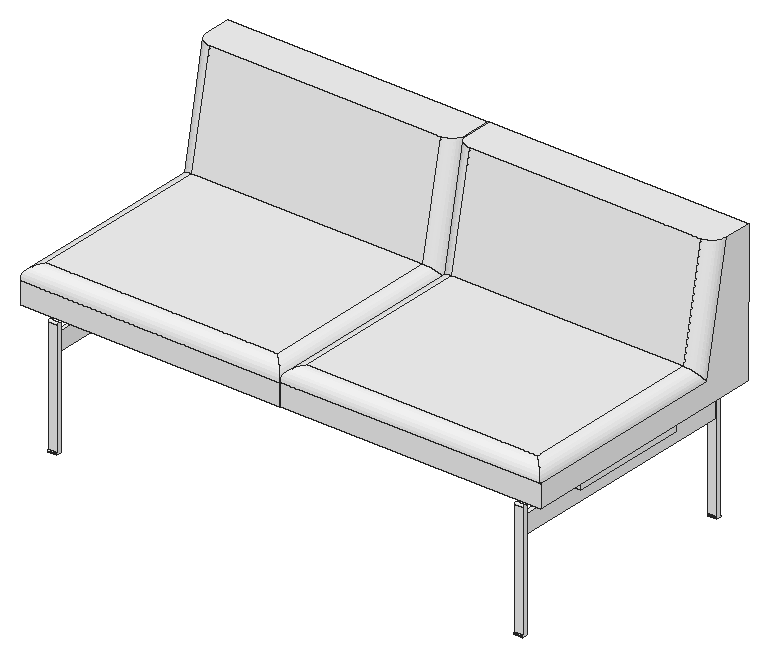
Revit family "FU_LAPSE 0020", category Furniture, Revit 2017
Family settings
  OmniClass Number = 23.40.20.00
  OmniClass Title = General Furniture and Specialties
  Work Plane-Based = No
  Always vertical = Yes
  Cut with Voids When Loaded = No
  Shared = No
  Room Calculation Point = No
Reference planes
  plane 1 "Center (Front/Back)": y = 0
  plane 2: z = 0
  plane 3 "Center (Left/Right)": x = 0
Dimensions and locks
  aligned and locked: level to plane 2
Nested families
  nested 1: "FU_LAPSE 0020 FRAME" at (0, 0, 0), type "FU_LAPSE 0020 FRAME"
  nested 2: "FU_LAPSE 0200TA-Upholstered Seat" at (-360, 0, 350), type "FU_LAPSE 0200TA-Upholstered Seat"
  nested 3: "FU_LAPSE 0200TA-Upholstered Seat" at (360, 0, 350), type "FU_LAPSE 0200TA-Upholstered Seat"
Definition of nested family "FU_LAPSE 0020 FRAME"
  Parameters (values of type "FU_LAPSE 0020 FRAME")
    Material = none
    Frame Width = 1290 mm
  Reference planes
    plane 1 "Center (Front/Back)": y = 0
    plane 2: z = 0
    plane 3 "Center (Left/Right)": x = 0
    plane 4: x = -645
    plane 5: x = 645
    plane 6: z = 350
    plane 7: y = -340
    plane 8: y = -330
    plane 9: z = 2.5
    plane 10: y = 165
    plane 11: y = -165
    plane 12: x = -675
    plane 13: x = 675
    plane 14: y = 155
    plane 15: x = -665
    plane 16: y = -155
    plane 17: x = 665
  Forms (mm)
    Extrusion 1, solid, material <- "Material"
      sketch origin (0, 0, 0) x (1, 0, 0) y (0, 1, 0)
        loop
          line (675, 165) -> (-675, 165) -> (-675, -165) -> (675, -165) -> (675, 165)
        loop
          line (-665, 155) -> (-665, -155) -> (665, -155) -> (665, 155) -> (-665, 155)
      from 295 to 350
  Dimensions and locks
    plane 3 "Center (Left/Right)" to plane 4 = 645 mm
    equal spacing: plane 4, plane 3 "Center (Left/Right)", plane 5
    "Frame Width": plane 4 to plane 5
    plane 12 to plane 15 to plane 4 = 10 mm locked, 20 mm locked
    plane 5 to plane 17 to plane 13 = 20 mm locked, 10 mm locked
    aligned and locked: level to plane 2
    aligned and locked: plane 4 to nested 1
    aligned and locked: plane 1 "Center (Front/Back)" to nested 1
    aligned and locked: nested 2 to plane 5
    aligned and locked: plane 1 "Center (Front/Back)" to nested 2
  Automatic sketch dimensions
    plane 10 to Extrusion 1 sketch curve = 0 mm
    Extrusion 1 sketch curve to plane 12 = 0 mm
    Extrusion 1 sketch curve to plane 15 = 0 mm
    plane 14 to Extrusion 1 sketch curve = 0 mm
    Extrusion 1 sketch curve to plane 17 = 0 mm
    Extrusion 1 sketch curve to plane 13 = 0 mm
    plane 11 to Extrusion 1 sketch curve = 0 mm
    plane 16 to Extrusion 1 sketch curve = 0 mm
  Nested families
    nested 1: "FU_LAPSE_FRAME 1" at (-645, 0, 0), type "FU_LAPSE_FRAME 1"
    nested 2: "FU_LAPSE_FRAME 1" at (645, 0, 0), type "FU_LAPSE_FRAME 1"
  Definition of nested family "FU_LAPSE_FRAME 1"
    Parameters (values of type "FU_LAPSE_FRAME 1")
      Material = none
    Reference planes
      plane 1 "Center (Front/Back)": y = 0
      plane 2: z = 0
      plane 3 "Center (Left/Right)": x = 0
    Forms (mm)
      Extrusion 1, solid, material <- "Material"
        sketch origin (0, 0, 0) x (0, 1, 0) y (0, 0, 1)
          loop
            arc (-330, 320) -> (-335, 325) -> (-340, 320) r 5
            line (-340, 320) -> (-340, 5)
            arc (-340, 5) -> (-340.732, 3.232) -> (-342.5, 2.5) r 2.5
            line (-342.5, 2.5) -> (-342.5, 0) -> (-327.5, 0) -> (-327.5, 2.5)
            arc (-327.5, 2.5) -> (-329.268, 3.232) -> (-330, 5) r 2.5
            line (-330, 5) -> (-330, 320)
        from 12.5 to -12.5
      Extrusion 2, solid, material <- "Material"
        sketch origin (0, 0, 0) x (0, -1, 0) y (0, 0, -1)
          loop
            line (-330, -320) -> (-330, -5)
            arc (-330, -5) -> (-329.268, -3.232) -> (-327.5, -2.5) r 2.5
            line (-327.5, -2.5) -> (-327.5, 0) -> (-342.5, 0) -> (-342.5, -2.5)
            arc (-342.5, -2.5) -> (-340.732, -3.232) -> (-340, -5) r 2.5
            line (-340, -5) -> (-340, -320)
            arc (-340, -320) -> (-335, -325) -> (-330, -320) r 5
        from 12.5 to -12.5
      Extrusion 3, solid, material <- "Material"
        sketch origin (0, 0, 0) x (0, 1, 0) y (0, 0, 1)
          loop
            line (330, 295) -> (-330, 295) -> (-330, 245) -> (330, 245) -> (330, 295)
        from 5 to -5
    Dimensions and locks
      aligned and locked: level to plane 2
      aligned and locked: Extrusion 3 sketch curve to Extrusion 2
Definition of nested family "FU_LAPSE 0200TA-Upholstered Seat"
  Parameters (values of type "FU_LAPSE 0200TA-Upholstered Seat")
    Material = none
  Reference planes
    plane 1 "Center (Front/Back)": y = 0
    plane 2: z = 0
    plane 3 "Center (Left/Right)": x = 0
    plane 4: x = -360
    plane 5: x = 360
    plane 6: y = -360
    plane 7: y = 360
    plane 8: z = 390
    plane 9: y = 245
    plane 10: z = 100
    plane 11: y = 185
  Forms (mm)
    Extrusion 1, solid, material <- "Material"
      sketch origin (0, 0, 0) x (0, 1, 0) y (0, 0, 1)
        loop
          line (360, 390) -> (245, 390) -> (185, 100) -> (-360, 100) -> (-360, 0) -> (360, 0) -> (360, 390)
      from -360 to 360
    Sweep 2, void
      path origin (-360, 0, 0) x (0, 1, 0) y (0, 0, 1)
        loop
          line (253.886, 432.949) -> (185, 100) -> (-360, 100)
      profile origin (-360, 219.443, 266.474) x (0, 0.97926, -0.202606) y (1, 0, 0)
        loop
          line (0, 0) -> (40, 0)
          arc (40, 0) -> (11.716, 11.716) -> (0, 40) r 40
          line (0, 40) -> (0, 0)
    Sweep 3, void
      path origin (360, 0, 0) x (0, 1, 0) y (0, 0, -1)
        loop
          line (253.886, -432.949) -> (185, -100) -> (-360, -100)
      profile origin (360, 219.443, 266.474) x (0, -0.97926, 0.202606) y (-1, 0, 0)
        loop
          line (0, 0) -> (0, 40)
          arc (0, 40) -> (-11.716, 11.716) -> (-40, 0) r 40
          line (-40, 0) -> (0, 0)
    Sweep 4, void
      path origin (0, -360, 0) x (0, 0, 1) y (-1, 0, 0)
        loop
          line (100, -385) -> (100, 460)
      profile origin (-37.5, -360, 100) x (0, 0, -1) y (0, -1, 0)
        loop
          line (0, 0) -> (0, -40)
          arc (0, -40) -> (11.716, -11.716) -> (40, 0) r 40
          line (40, 0) -> (0, 0)
  Cuts and joins
    Sweep 2, Sweep 3, Sweep 4 cuts Extrusion 1
  Dimensions and locks
    equal spacing: plane 4, plane 3 "Center (Left/Right)", plane 5
    equal spacing: plane 7, plane 1 "Center (Front/Back)", plane 6
    plane 7 to plane 6 = 720 mm
    plane 4 to plane 5 = 720 mm
    plane 8 to level = 390 mm
    aligned and locked: level to plane 2
    aligned and locked: plane 10 to Extrusion 1 sketch curve
  Automatic sketch dimensions
    Extrusion 1 sketch curve to plane 6 = 0 mm
    Extrusion 1 sketch curve to plane 11 = 0 mm
    Extrusion 1 sketch curve to plane 8 = 0 mm
    Extrusion 1 sketch curve to plane 9 = 0 mm
    Extrusion 1 sketch curve to plane 7 = 0 mm
    Extrusion 1 sketch curve to level = 0 mm
    Sweep 2 sketch curve to Extrusion 1 = 0 mm  (x2)
    Extrusion 1 to Sweep 2 sketch curve = 0 mm  (x2)
    Sweep 2 sketch curve to Extrusion 1 = 42.949 mm
    Sweep 2 sketch curve to profile plane = 0 mm  (x2)
    Sweep 2 sketch curve to profile plane = 40 mm
    Sweep 3 sketch curve to plane 6 = 0 mm
    Sweep 3 sketch curve to plane 10 = 0 mm
    Sweep 3 sketch curve to plane 11 = 0 mm
    plane 9 to Sweep 3 sketch curve = 8.886 mm
    plane 8 to Sweep 3 sketch curve = 42.949 mm
    Sweep 3 sketch curve to profile plane = 0 mm
    profile plane to Sweep 3 sketch curve = 0 mm
    profile plane to Sweep 3 sketch curve = 40 mm
    Sweep 4 sketch curve to profile plane = 0 mm  (x2)
    Sweep 4 sketch curve to profile plane = 40 mm
    Sweep 4 sketch curve to Extrusion 1 = 0 mm
    Sweep 4 sketch curve to Extrusion 1 = 25 mm
    Sweep 4 sketch curve to Extrusion 1 = 100 mm
